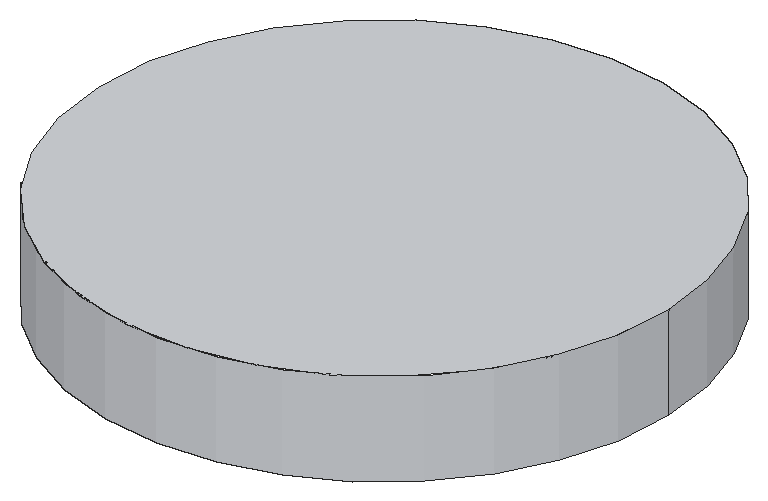
Revit family "Crop-Circle", category Generic Models, Revit 2019
Family settings
  Can host rebar = No
  Round Connector Dimension = Use Diameter
  Part Type = Normal
  Work Plane-Based = No
  Always vertical = Yes
  Cut with Voids When Loaded = No
  Shared = Yes
  Room Calculation Point = No
Parameters (values of type "Hanger")
  URL = ""
  PointNumber [instance] = ""
  PointElement [instance] = ""
  PointDescription [instance] = "Hanger Pt"
  Manufacturer = "Autodesk Inc."
  LinkedParam [instance] = ""
  Height [instance] = 0' - 1"
  Diameter [instance] = 0' - 6"
Types (2): name | PointDescription | Diameter
  Seismic | "Seismic Pt" | 1' - 6"
  Hanger | "Hanger Pt" | 0' - 6"
Reference planes (in)
  plane 1 "Center (Front/Back)": y = 0
  plane 2: z = 0
  plane 3 "Center (Left/Right)": x = 0
Forms (in)
  Extrusion 1, solid
    sketch origin (-1.8271, -0.30619, 0) x (1, 0, 0) y (0, 1, 0)
      loop
        circle (1.8271, 0.30619) r 3
    from 0 to 1 <- "Height"
Dimensions and locks (in)
  "Diameter": diameter of Extrusion 1 sketch curve
Automatic sketch dimensions
  plane 1 "Center (Front/Back)" to Extrusion 1 sketch curve = 0' - 0"
  Extrusion 1 sketch curve to plane 3 "Center (Left/Right)" = 0' - 0"
